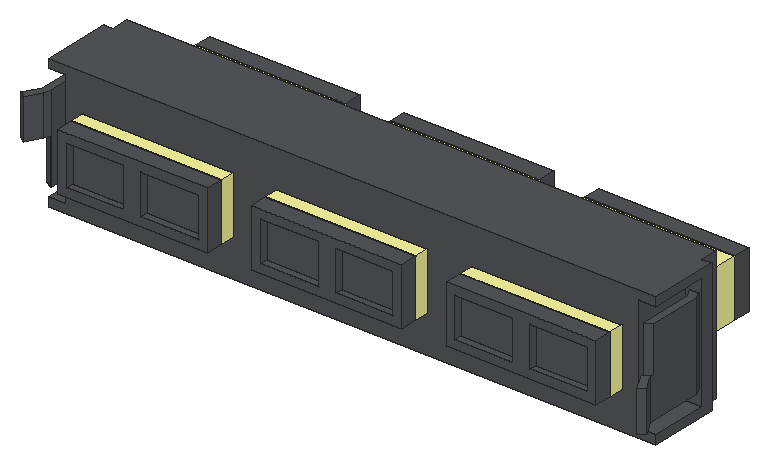
Revit family "SC Duplex 6 fibras", category Installations électriques, Revit 2020
Family settings
  Conserver l'orientation des annotations = Non
  Cote de connecteur circulaire = Utiliser le diamètre
  Type d'élément = Normal
  Basée sur le plan de construction = Non
  Toujours verticalement = Oui
  Couper avec des vides une fois chargée = Non
  Partagée = Non
  Point de calcul de pièce = Non
Parameters (values of type "Panel de adaptadores SC Duplex 6 fibras multimodal")
  Tipo de la fibra óptica = "Mutlimodal"
  Tipo de conector interno = "SC_DUPLEX"
  Tipo de conector externo = "SC_DUPLEX"
  Temperatura operativa = "-10°C à 60°C"
  Temperatura de almacenamiento = "-10°C à 60°C"
  Profundidad = 33.3 mm
  Número de pieza Legrand = "032120"
  Número de conectores = 6
  Numero RAL = "9017"
  IP = "IP20"
  IK = "IK04"
  Función = "Paneles de interconexión con optical conector Legrand"
  Formulación BIM = "Panel de adaptadores SC Duplex 6 fibras multimodal"
  Elévation par défaut = 0 mm
  EAN = "3414970961815"
  E-catalogo enlace = "https://www.legrand.fr/reference/032120/pro"
  Color de los conectores = IDS_JAUNE
  Color = IDS_NOIR
  Clasificación ETIM = "EC001130"
  Anchura de los conectores = 26 mm
  Anchura de la apertura = 6 mm
  Anchura (mm) = 108.8 mm
  Altura de los conectores = 10 mm
  Altura de la apertura = 6.5 mm
  Altura = 23 mm
Types (3, lengths in mm): name | Tipo de la fibra óptica | Número de pieza Legrand | Formulación BIM | EAN | E-catalogo enlace | Color de los conectores
  Panel de adaptadores SC Duplex 6 fibras monomodal | "unimodal" | "032110" | "Panel de adaptadores SC Duplex 6 fibras monomodal" | "3414970961655" | "https://www.legrand.fr/reference/032110/pro" | IDS_BLEU
  Panel de adaptadores SC APC Duplex 6 fibras monomodal | "unimodal" | "032112" | "Panel de adaptadores SC APC Duplex 6 fibras monomodal" | "3414970961693" | "https://www.legrand.fr/reference/032112/pro" | IDS_VERT
  Panel de adaptadores SC Duplex 6 fibras multimodal | "Mutlimodal" | "032120" | "Panel de adaptadores SC Duplex 6 fibras multimodal" | "3414970961815" | "https://www.legrand.fr/reference/032120/pro" | IDS_JAUNE
Reference planes
  plane 1 "Centre (avant/arrière)": y = 0
  plane 2: z = 0
  plane 3 "Centre (gauche/droite)": x = 0
  plane 4 "Clip bas": z = 4
  plane 5 "Clip haut": z = 19
  plane 6: x = 105.5
  plane 7: x = 52.75
  plane 8: through (0.797, -2.504, 1200) normal (-0.866, 0.5, 0)
  plane 9: z = 6.5
  plane 10: z = 16.5
  plane 11: x = 6
  plane 12: x = 32
  plane 13: z = 23
  plane 14: x = 39.75
  plane 15: x = 65.75
  plane 16: x = 73.5
  plane 17: x = 99.5
  plane 18: y = -2.5
  plane 19: y = 24.5
  plane 20: y = 11
Forms (mm)
  Extrusion 1, solid, material "IDS_NOIR" <- "Color"
    sketch origin (0, 0, 0) x (1, 0, 0) y (0, 1, 0)
      loop
        line (0, 0) -> (105.5, 0) -> (105.5, 12) -> (103.9, 12) -> (103.9, 15) -> (1.6, 15) -> (1.6, 12) -> (0, 12) -> (0, 0)
    from 0 to 23
  Extrusion 2, void
    sketch origin (0, 0, 0) x (-1, 0, 0) y (0, 0, 1)
      loop
        line (0, 21.5) -> (-3, 21.5) -> (-3, 1.5) -> (0, 1.5) -> (0, 21.5)
      loop
        line (-105.5, 21.5) -> (-105.5, 1.5) -> (-102.5, 1.5) -> (-102.5, 21.5) -> (-105.5, 21.5)
    from 0 to 10
  Extrusion 3, solid, material "IDS_NOIR"
    sketch origin (0, 25.162, 4) x (0, 1, 0) y (-1, 0, 0)
      loop
        line (-29.912, 0.5) -> (-27.374, -0.965)
        arc (-27.374, -0.965) -> (-26.771, -1.215) -> (-26.124, -1.3) r 2.5
        line (-26.124, -1.3) -> (-16.662, -1.3) -> (-15.162, -2.166) -> (-15.162, -0.665) -> (-16.313, 0) -> (-26.446, 0) -> (-29.262, 1.626) -> (-29.912, 0.5)
      loop
        line (-29.912, -106) -> (-29.262, -107.126) -> (-26.446, -105.5) -> (-16.313, -105.5) -> (-15.162, -104.835) -> (-15.162, -103.334) -> (-16.662, -104.2) -> (-26.124, -104.2)
        arc (-26.124, -104.2) -> (-26.771, -104.285) -> (-27.374, -104.535) r 2.5
        line (-27.374, -104.535) -> (-29.912, -106)
    from 0 to 15
  Extrusion 4, void
    sketch origin (0.797, -2.504, 1200) x (0.5, 0.866025, 0) y (0, 0, 1)
      loop
        line (-2.593, -1196) -> (1.407, -1196) -> (1.407, -1188) -> (-2.593, -1188) -> (-2.593, -1196)
    from 0 to -2.615
  Extrusion 5, void
    sketch origin (104.703, -2.504, 1200) x (-0.5, 0.866025, 0) y (0, 0, -1)
      loop
        line (-2.593, 1181) -> (1.407, 1181) -> (1.407, 1189) -> (-2.593, 1189) -> (-2.593, 1181)
    from 0 to -2.615
  Extrusion 6, void
    sketch origin (2.941, 0, 0) x (-1, 0, 0) y (0, 0, 1)
      loop
        line (-3.059, 16.5) -> (-29.059, 16.5) -> (-29.059, 6.5) -> (-3.059, 6.5) -> (-3.059, 16.5)
      loop
        line (-36.809, 6.5) -> (-36.809, 16.5) -> (-62.809, 16.5) -> (-62.809, 6.5) -> (-36.809, 6.5)
      loop
        line (-70.559, 16.5) -> (-96.559, 16.5) -> (-96.559, 6.5) -> (-70.559, 6.5) -> (-70.559, 16.5)
    from 0 to 15
  Extrusion 7, solid, material "IDS_JAUNE" <- "Color de los conectores"
    sketch origin (3.409, -2.5, 1200) x (-1, 0, 0) y (0, 0, 1)
      loop
        line (-2.591, -1183.5) -> (-28.591, -1183.5) -> (-28.591, -1193.5) -> (-2.591, -1193.5) -> (-2.591, -1183.5)
      loop
        line (-70.091, -1183.5) -> (-96.091, -1183.5) -> (-96.091, -1193.5) -> (-70.091, -1193.5) -> (-70.091, -1183.5)
      loop
        line (-62.341, -1193.5) -> (-36.341, -1193.5) -> (-36.341, -1183.5) -> (-62.341, -1183.5) -> (-62.341, -1193.5)
    from 0 to 27
  Extrusion 8, solid, material "IDS_NOIR"
    sketch origin (3.409, -2.5, 1200) x (-1, 0, 0) y (0, 0, 1)
      loop
        line (-2.591, -1183.5) -> (-28.591, -1183.5) -> (-28.591, -1193.5) -> (-2.591, -1193.5) -> (-2.591, -1183.5)
      loop
        line (-36.341, -1183.5) -> (-62.341, -1183.5) -> (-62.341, -1193.5) -> (-36.341, -1193.5) -> (-36.341, -1183.5)
      loop
        line (-70.091, -1183.5) -> (-96.091, -1183.5) -> (-96.091, -1193.5) -> (-70.091, -1193.5) -> (-70.091, -1183.5)
    from 0 to -3
  Extrusion 9, void
    sketch origin (3.409, -5.5, 1200) x (-1, 0, 0) y (0, 0, 1)
      loop
        line (-17.091, -1185) -> (-27.091, -1185) -> (-27.091, -1192) -> (-17.091, -1192) -> (-17.091, -1185)
      loop
        line (-4.091, -1192) -> (-4.091, -1185) -> (-14.091, -1185) -> (-14.091, -1192) -> (-4.091, -1192)
      loop
        line (-81.591, -1185) -> (-81.591, -1192) -> (-71.591, -1192) -> (-71.591, -1185) -> (-81.591, -1185)
      loop
        line (-94.591, -1192) -> (-84.591, -1192) -> (-84.591, -1185) -> (-94.591, -1185) -> (-94.591, -1192)
      loop
        line (-60.841, -1185) -> (-60.841, -1192) -> (-50.841, -1192) -> (-50.841, -1185) -> (-60.841, -1185)
      loop
        line (-37.841, -1185) -> (-47.841, -1185) -> (-47.841, -1192) -> (-37.841, -1192) -> (-37.841, -1185)
    from 0 to 1.3
  Extrusion 10, solid, material "IDS_NOIR"
    sketch origin (3.409, 24.5, 1200) x (-1, 0, 0) y (0, 0, -1)
      loop
        line (-2.591, 1183.5) -> (-2.591, 1193.5) -> (-28.591, 1193.5) -> (-28.591, 1183.5) -> (-2.591, 1183.5)
      loop
        line (-36.341, 1183.5) -> (-36.341, 1193.5) -> (-62.341, 1193.5) -> (-62.341, 1183.5) -> (-36.341, 1183.5)
      loop
        line (-70.091, 1183.5) -> (-70.091, 1193.5) -> (-96.091, 1193.5) -> (-96.091, 1183.5) -> (-70.091, 1183.5)
    from 0 to -3
  Extrusion 11, void
    sketch origin (3.409, 27.5, 1200) x (-1, 0, 0) y (0, 0, -1)
      loop
        line (-17.091, 1185) -> (-17.091, 1192) -> (-27.091, 1192) -> (-27.091, 1185) -> (-17.091, 1185)
      loop
        line (-4.091, 1192) -> (-14.091, 1192) -> (-14.091, 1185) -> (-4.091, 1185) -> (-4.091, 1192)
      loop
        line (-81.591, 1185) -> (-71.591, 1185) -> (-71.591, 1192) -> (-81.591, 1192) -> (-81.591, 1185)
      loop
        line (-94.591, 1192) -> (-94.591, 1185) -> (-84.591, 1185) -> (-84.591, 1192) -> (-94.591, 1192)
      loop
        line (-60.841, 1185) -> (-50.841, 1185) -> (-50.841, 1192) -> (-60.841, 1192) -> (-60.841, 1185)
      loop
        line (-37.841, 1185) -> (-37.841, 1192) -> (-47.841, 1192) -> (-47.841, 1185) -> (-37.841, 1185)
    from 0 to 1.3
Cuts and joins
  Extrusion 2, Extrusion 6 cuts Extrusion 1
  Extrusion 4, Extrusion 5 cuts Extrusion 3
  Extrusion 9, Extrusion 11 cuts Extrusion 8
  Extrusion 11 cuts Extrusion 10
Dimensions and locks
  locked: plane 1 "Centre (avant/arrière)" to Extrusion 1 sketch curve at 15
  locked: Extrusion 1 sketch curve to Extrusion 1 sketch curve at 105.5
  locked: Extrusion 1 sketch curve to Extrusion 1 sketch curve at 1.6  (x2)
  locked: Extrusion 1 sketch curve to Extrusion 1 sketch curve at 12
  locked: Extrusion 2 sketch curve to level at 1.5
  locked: Extrusion 1 to Extrusion 2 sketch curve at 1.5
  locked: Extrusion 2 sketch curve to plane 3 "Centre (gauche/droite)" at 3
  locked: Extrusion 2 sketch curve to Extrusion 1 at 3
  plane 4 "Clip bas" to level = 4 mm
  cut or joined group of Extrusion 1, Extrusion 2, Extrusion 6 to plane 5 "Clip haut" = 4 mm
  locked: Extrusion 3 sketch curve to plane 3 "Centre (gauche/droite)" at 0.5
  locked: Extrusion 3 sketch curve to plane 1 "Centre (avant/arrière)" at 4.75
  locked: plane 3 "Centre (gauche/droite)" to Extrusion 3 sketch curve at 1.3
  plane 1 "Centre (avant/arrière)" to Extrusion 3 sketch curve = 8.5 mm
  equal spacing: plane 3 "Centre (gauche/droite)", plane 7, plane 6, locked at 52.75 each
  locked: Extrusion 3 to Extrusion 4 sketch curve at 4
  locked: Extrusion 3 to Extrusion 4 sketch curve at 8
  cut or joined group of Extrusion 3, Extrusion 4, Extrusion 5 to Extrusion 5 sketch curve = 8 mm
  Extrusion 5 sketch curve to cut or joined group of Extrusion 3, Extrusion 4, Extrusion 5 = 4 mm
  "Altura de la apertura": plane 9 to level
  "Altura de los conectores": plane 10 to plane 9
  "Anchura de la apertura": plane 11 to plane 3 "Centre (gauche/droite)"
  "Anchura de los conectores": plane 11 to plane 12
  locked: plane 13 to level at 23
  "Anchura de los conectores": plane 14 to plane 15
  plane 12 to plane 14 = 7.75 mm
  plane 15 to plane 16 = 7.75 mm
  "Anchura de los conectores": plane 16 to plane 17
  locked: plane 18 to cut or joined group of Extrusion 1, Extrusion 2, Extrusion 6 at 2.5
  locked: plane 19 to cut or joined group of Extrusion 1, Extrusion 2, Extrusion 6 at 9.5
  equal spacing: plane 19, plane 20, plane 18, locked at 13.5 each
  locked: cut or joined group of Extrusion 1, Extrusion 2, Extrusion 6 to Extrusion 3 sketch curve (angle 60.00°)
  aligned and locked: level to plane 2
  aligned and locked: plane 5 "Clip haut" to Extrusion 3
  aligned and locked: Extrusion 3 to plane 4 "Clip bas"
  aligned and locked: plane 6 to cut or joined group of Extrusion 1, Extrusion 2, Extrusion 6
  aligned and locked: Extrusion 4 sketch curve to Extrusion 3
  aligned and locked: Extrusion 3 to Extrusion 4 sketch curve
  aligned and locked: plane 8 to Extrusion 3
  aligned and locked: Extrusion 5 sketch curve to cut or joined group of Extrusion 3, Extrusion 4, Extrusion 5
  aligned and locked: plane 13 to cut or joined group of Extrusion 1, Extrusion 2, Extrusion 6
  aligned and locked: Extrusion 6 to plane 9
  aligned and locked: plane 10 to Extrusion 6
  aligned and locked: plane 11 to Extrusion 6
  aligned and locked: Extrusion 6 to plane 12
  aligned and locked: plane 9 to Extrusion 6 sketch curve
  aligned and locked: Extrusion 6 sketch curve to plane 14
  aligned and locked: Extrusion 6 sketch curve to plane 10
  aligned and locked: plane 15 to Extrusion 6 sketch curve
  aligned and locked: plane 10 to Extrusion 6 sketch curve
  aligned and locked: plane 16 to Extrusion 6 sketch curve
  aligned and locked: Extrusion 6 sketch curve to plane 9
  aligned and locked: plane 17 to Extrusion 6 sketch curve
  aligned and locked: Extrusion 1 to Extrusion 6
  aligned and locked: Extrusion 7 sketch curve to cut or joined group of Extrusion 1, Extrusion 2, Extrusion 6  (x11)
  aligned and locked: plane 19 to Extrusion 7
  aligned and locked: Extrusion 8 sketch curve to Extrusion 7  (x12)
  aligned and locked: Extrusion 2 sketch curve to Extrusion 2 sketch curve  (x2)
Automatic sketch dimensions
  plane 1 "Centre (avant/arrière)" to Extrusion 1 sketch curve = 0 mm
  Extrusion 1 sketch curve to plane 3 "Centre (gauche/droite)" = 0 mm
  plane 20 to Extrusion 1 sketch curve = 1 mm
  Extrusion 3 sketch curve to plane 6 = 0 mm
  Extrusion 3 sketch curve to plane 3 "Centre (gauche/droite)" = 0 mm
  Extrusion 3 sketch curve to plane 6 = 0.5 mm
  Extrusion 3 sketch curve to plane 18 = 2.25 mm
  Extrusion 3 sketch curve to Extrusion 3 sketch curve = 0.65 mm  (x2)
  plane 18 to Extrusion 3 sketch curve = 0.288 mm  (x2)
  plane 18 to Extrusion 3 sketch curve = 1.216 mm
  plane 1 "Centre (avant/arrière)" to Extrusion 3 sketch curve = 0.962 mm  (x2)
  Extrusion 3 sketch curve to plane 20 = 2.5 mm
  Extrusion 3 sketch curve to Extrusion 3 sketch curve = 0.348 mm  (x2)
  Extrusion 3 sketch curve to plane 20 = 1 mm  (x2)
  Extrusion 3 sketch curve to plane 6 = 1.2 mm
  plane 6 to Extrusion 3 sketch curve = 0.665 mm
  Extrusion 3 sketch curve to Extrusion 3 sketch curve = 1.501 mm
  Extrusion 3 sketch curve to Extrusion 3 sketch curve = 0.866 mm
  plane 3 "Centre (gauche/droite)" to Extrusion 3 sketch curve = 0.665 mm
  Extrusion 5 sketch curve to Extrusion 5 sketch curve = 4 mm
  Extrusion 6 sketch curve to plane 9 = 0 mm
  Extrusion 6 sketch curve to plane 12 = 0 mm
  Extrusion 6 sketch curve to plane 10 = 0 mm
  plane 11 to Extrusion 6 sketch curve = 0 mm
  plane 15 to Extrusion 7 sketch curve = 0 mm
  Extrusion 8 to Extrusion 9 sketch curve = 1.5 mm  (x18)
  Extrusion 9 sketch curve to Extrusion 9 sketch curve = 3 mm  (x3)
  Extrusion 9 sketch curve to Extrusion 9 sketch curve = 10 mm  (x3)
  Extrusion 10 sketch curve to plane 9 = 0 mm  (x3)
  Extrusion 10 sketch curve to plane 17 = 0 mm
  plane 16 to Extrusion 10 sketch curve = 0 mm
  plane 15 to Extrusion 10 sketch curve = 0 mm
  plane 14 to Extrusion 10 sketch curve = 0 mm
  plane 12 to Extrusion 10 sketch curve = 0 mm
  plane 11 to Extrusion 10 sketch curve = 0 mm
  Extrusion 10 sketch curve to plane 10 = 0 mm  (x3)
  Extrusion 10 to Extrusion 11 sketch curve = 1.5 mm  (x18)
  Extrusion 11 sketch curve to Extrusion 11 sketch curve = 3 mm  (x3)
  Extrusion 11 sketch curve to Extrusion 11 sketch curve = 10 mm  (x3)
  plane 6 to Extrusion 2 sketch curve = 0 mm
  Extrusion 2 sketch curve to plane 3 "Centre (gauche/droite)" = 0 mm
